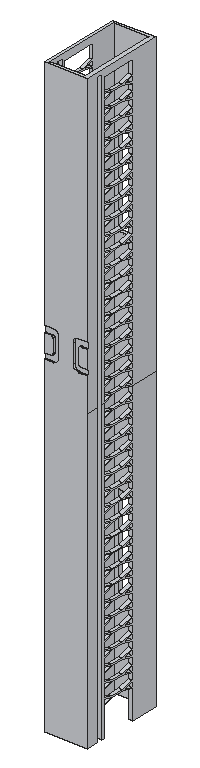
Revit family
Parameters
  Material ID = "760072900"
  Description = "Vertical Cable Management Kit, 6in X 96in (152mm X 2438mm) Single Sided, With Door, Silver\r\nVertical Cable Management Kit, 6in X 84in (152mm X 2134mm) Single Sided, With Door, Black\r\nVERTICAL CABLE MANAGEMENT KIT, 6IN X 84IN(152MM X 2134MM) SINGLE SIDED, WITH DOOR, BLACK"
Reference planes (in)
  plane 1 "Center (Front/Back)": y = 0
  plane 2: z = 0
  plane 3 "Center (Left/Right)": x = 0
Forms (in)
  Extrusion 1, void, not visible
    sketch origin (0, 0, 0) x (1, 0, 0) y (0, 0, 1)
      loop
        line (-7.85662, 0.48089) -> (-7.85662, -0.39002) -> (-7.67285, -0.39002) -> (-7.67285, -0.64002) -> (-7.0736, -0.64002) -> (-7.0736, -0.39002) -> (-6.92978, -0.39002) -> (-6.92978, 0.48089) -> (-7.85662, 0.48089)
    from -3.79215 to 12
  Extrusion 2, void, not visible
    sketch origin (0, 0, 0) x (1, 0, 0) y (0, 0, 1)
      loop
        line (-8.21397, 0.42583) -> (-8.21397, -0.07417) -> (-8.08657, -0.07417) -> (-8.08657, -0.27417) -> (-7.83657, -0.27417) -> (-7.83657, -0.07417) -> (-7.72497, -0.07417) -> (-7.72497, 0.42583) -> (-8.21397, 0.42583)
    from 0.74059 to 3.34334
  Extrusion 3, solid
    sketch origin (0, 0, 0) x (1, 0, 0) y (0, 0, 1)
      loop
        line (3, 42) -> (-3, 42) -> (-3, -42) -> (3, -42) -> (3, 0) -> (3, 42)
    from 11.281 to -0.669
  Extrusion 4, void
    sketch origin (0, 0, 0) x (1, 0, 0) y (0, 0, 1)
      loop
        line (-3, 9.00056) -> (-3, 8.06684) -> (-2.1, 8.06684)
        arc (-2.1, 8.06684) -> (-1.88787, 7.97898) -> (-1.8, 7.76684) r 0.3
        line (-1.8, 7.76684) -> (-1.8, 5.85056)
        arc (-1.8, 5.85056) -> (-1.88787, 5.63843) -> (-2.1, 5.55056) r 0.3
        line (-2.1, 5.55056) -> (-3, 5.55056) -> (-3, 4.75056) -> (-1.8, 4.75056)
        arc (-1.8, 4.75056) -> (-1.23431, 4.98488) -> (-1, 5.55056) r 0.8
        line (-1, 5.55056) -> (-1, 8.20056)
        arc (-1, 8.20056) -> (-1.23431, 8.76625) -> (-1.8, 9.00056) r 0.8
        line (-1.8, 9.00056) -> (-3, 9.00056)
      loop
        line (3, 9.00056) -> (1.8, 9.00056)
        arc (1.8, 9.00056) -> (1.23431, 8.76625) -> (1, 8.20056) r 0.8
        line (1, 8.20056) -> (1, 5.55056)
        arc (1, 5.55056) -> (1.23431, 4.98488) -> (1.8, 4.75056) r 0.8
        line (1.8, 4.75056) -> (3, 4.75056) -> (3, 5.55056) -> (2.1, 5.55056)
        arc (2.1, 5.55056) -> (1.88787, 5.63843) -> (1.8, 5.85056) r 0.3
        line (1.8, 5.85056) -> (1.8, 7.76684)
        arc (1.8, 7.76684) -> (1.88787, 7.97898) -> (2.1, 8.06684) r 0.3
        line (2.1, 8.06684) -> (3, 8.06684) -> (3, 9.00056)
    from 11.08569 to 11.281
  Extrusion 5, void
    sketch origin (0, 0, 0) x (1, 0, 0) y (0, 1, 0)
      loop
        line (2.45983, 0.18675) -> (-2.54017, 0.18675) -> (-2.54017, -10.9115) -> (2.45983, -10.9115) -> (2.45983, 0.18675)
    from -58.88014 to 54.97812
  Extrusion 6, void
    sketch origin (0, 0, 0) x (0, 1, 0) y (0, 0, 1)
      loop
        line (-3.37841, 39.06909) -> (-3.37841, 41.06909) -> (-8.50915, 41.06909) -> (-8.50915, 39.06909) -> (-6.81878, 38.61615) -> (-5.06878, 38.61615) -> (-3.37841, 39.06909)
      loop
        line (-3.37841, 38.06909) -> (-5.06878, 38.52202) -> (-6.81878, 38.52202) -> (-8.50915, 38.06909) -> (-8.50915, 37.81909) -> (-8.50915, 37.06909) -> (-6.81878, 36.61615) -> (-5.06878, 36.61615) -> (-3.37841, 37.06909) -> (-3.37841, 37.81909) -> (-3.37841, 38.06909)
      loop
        line (-3.37841, 39.00985) -> (-4.9864, 38.57899) -> (-3.37841, 38.14813) -> (-3.37841, 39.00985)
      loop
        line (-8.50915, 39.00985) -> (-8.50915, 38.14813) -> (-6.90115, 38.57899) -> (-8.50915, 39.00985)
      loop
        line (-3.37841, 36.06909) -> (-5.06878, 36.52202) -> (-6.81878, 36.52202) -> (-8.50915, 36.06909) -> (-8.50915, 35.06909) -> (-6.81878, 34.61615) -> (-5.06878, 34.61615) -> (-3.37841, 35.06909) -> (-3.37841, 36.06909)
      loop
        line (-3.37841, 37.00985) -> (-4.9864, 36.57899) -> (-3.37841, 36.14813) -> (-3.37841, 37.00985)
      loop
        line (-8.50915, 37.00985) -> (-8.50915, 36.14813) -> (-6.90115, 36.57899) -> (-8.50915, 37.00985)
      loop
        line (-3.37841, 34.06909) -> (-5.06878, 34.52202) -> (-6.81878, 34.52202) -> (-8.50915, 34.06909) -> (-8.50915, 33.06909) -> (-6.81878, 32.61615) -> (-5.06878, 32.61615) -> (-3.37841, 33.06909) -> (-3.37841, 34.06909)
      loop
        line (-3.37841, 35.00985) -> (-4.9864, 34.57899) -> (-3.37841, 34.14813) -> (-3.37841, 35.00985)
      loop
        line (-8.50915, 35.00985) -> (-8.50915, 34.14813) -> (-6.90115, 34.57899) -> (-8.50915, 35.00985)
      loop
        line (-3.37841, 32.06909) -> (-5.06878, 32.52202) -> (-6.81878, 32.52202) -> (-8.50915, 32.06909) -> (-8.50915, 31.06909) -> (-6.81878, 30.61615) -> (-5.06878, 30.61615) -> (-3.37841, 31.06909) -> (-3.37841, 32.06909)
      loop
        line (-3.37841, 33.00985) -> (-4.9864, 32.57899) -> (-3.37841, 32.14813) -> (-3.37841, 33.00985)
      loop
        line (-8.50915, 33.00985) -> (-8.50915, 32.14813) -> (-6.90115, 32.57899) -> (-8.50915, 33.00985)
      loop
        line (-3.37841, 30.06909) -> (-5.06878, 30.52202) -> (-6.81878, 30.52202) -> (-8.50915, 30.06909) -> (-8.50915, 29.06909) -> (-6.81878, 28.61615) -> (-5.06878, 28.61615) -> (-3.37841, 29.06909) -> (-3.37841, 30.06909)
      loop
        line (-3.37841, 31.00985) -> (-4.9864, 30.57899) -> (-3.37841, 30.14813) -> (-3.37841, 31.00985)
      loop
        line (-8.50915, 31.00985) -> (-8.50915, 30.14813) -> (-6.90115, 30.57899) -> (-8.50915, 31.00985)
      loop
        line (-3.37841, 28.06909) -> (-5.06878, 28.52202) -> (-6.81878, 28.52202) -> (-8.50915, 28.06909) -> (-8.50915, 27.06909) -> (-6.81878, 26.61615) -> (-5.06878, 26.61615) -> (-3.37841, 27.06909) -> (-3.37841, 28.06909)
      loop
        line (-3.37841, 29.00985) -> (-4.9864, 28.57899) -> (-3.37841, 28.14813) -> (-3.37841, 29.00985)
      loop
        line (-8.50915, 29.00985) -> (-8.50915, 28.14813) -> (-6.90115, 28.57899) -> (-8.50915, 29.00985)
      loop
        line (-3.37841, 26.06909) -> (-5.06878, 26.52202) -> (-6.81878, 26.52202) -> (-8.50915, 26.06909) -> (-8.50915, 25.06909) -> (-6.81878, 24.61615) -> (-5.06878, 24.61615) -> (-3.37841, 25.06909) -> (-3.37841, 26.06909)
      loop
        line (-3.37841, 27.00985) -> (-4.9864, 26.57899) -> (-3.37841, 26.14813) -> (-3.37841, 27.00985)
      loop
        line (-8.50915, 27.00985) -> (-8.50915, 26.14813) -> (-6.90115, 26.57899) -> (-8.50915, 27.00985)
      loop
        line (-3.37841, 24.06909) -> (-5.06878, 24.52202) -> (-6.81878, 24.52202) -> (-8.50915, 24.06909) -> (-8.50915, 23.06909) -> (-6.81878, 22.61615) -> (-5.06878, 22.61615) -> (-3.37841, 23.06909) -> (-3.37841, 24.06909)
      loop
        line (-3.37841, 25.00985) -> (-4.9864, 24.57899) -> (-3.37841, 24.14813) -> (-3.37841, 25.00985)
      loop
        line (-8.50915, 25.00985) -> (-8.50915, 24.14813) -> (-6.90115, 24.57899) -> (-8.50915, 25.00985)
      loop
        line (-3.37841, 22.06909) -> (-5.06878, 22.52202) -> (-6.81878, 22.52202) -> (-8.50915, 22.06909) -> (-8.50915, 21.06909) -> (-6.81878, 20.61615) -> (-5.06878, 20.61615) -> (-3.37841, 21.06909) -> (-3.37841, 22.06909)
      loop
        line (-3.37841, 23.00985) -> (-4.9864, 22.57899) -> (-3.37841, 22.14813) -> (-3.37841, 23.00985)
      loop
        line (-8.50915, 23.00985) -> (-8.50915, 22.14813) -> (-6.90115, 22.57899) -> (-8.50915, 23.00985)
      loop
        line (-3.37841, 20.06909) -> (-5.06878, 20.52202) -> (-6.81878, 20.52202) -> (-8.50915, 20.06909) -> (-8.50915, 19.06909) -> (-6.81878, 18.61615) -> (-5.06878, 18.61615) -> (-3.37841, 19.06909) -> (-3.37841, 20.06909)
      loop
        line (-3.37841, 21.00985) -> (-4.9864, 20.57899) -> (-3.37841, 20.14813) -> (-3.37841, 21.00985)
      loop
        line (-8.50915, 21.00985) -> (-8.50915, 20.14813) -> (-6.90115, 20.57899) -> (-8.50915, 21.00985)
      loop
        line (-3.37841, 18.06909) -> (-5.06878, 18.52202) -> (-6.81878, 18.52202) -> (-8.50915, 18.06909) -> (-8.50915, 17.06909) -> (-6.81878, 16.61615) -> (-5.06878, 16.61615) -> (-3.37841, 17.06909) -> (-3.37841, 18.06909)
      loop
        line (-3.37841, 19.00985) -> (-4.9864, 18.57899) -> (-3.37841, 18.14813) -> (-3.37841, 19.00985)
      loop
        line (-8.50915, 19.00985) -> (-8.50915, 18.14813) -> (-6.90115, 18.57899) -> (-8.50915, 19.00985)
      loop
        line (-3.37841, 16.06909) -> (-5.06878, 16.52202) -> (-6.81878, 16.52202) -> (-8.50915, 16.06909) -> (-8.50915, 15.06909) -> (-6.81878, 14.61615) -> (-5.06878, 14.61615) -> (-3.37841, 15.06909) -> (-3.37841, 16.06909)
      loop
        line (-3.37841, 17.00985) -> (-4.9864, 16.57899) -> (-3.37841, 16.14813) -> (-3.37841, 17.00985)
      loop
        line (-8.50915, 17.00985) -> (-8.50915, 16.14813) -> (-6.90115, 16.57899) -> (-8.50915, 17.00985)
      loop
        line (-3.37841, 14.06909) -> (-5.06878, 14.52202) -> (-6.81878, 14.52202) -> (-8.50915, 14.06909) -> (-8.50915, 13.06909) -> (-6.81878, 12.61615) -> (-5.06878, 12.61615) -> (-3.37841, 13.06909) -> (-3.37841, 14.06909)
      loop
        line (-3.37841, 15.00985) -> (-4.9864, 14.57899) -> (-3.37841, 14.14813) -> (-3.37841, 15.00985)
      loop
        line (-8.50915, 15.00985) -> (-8.50915, 14.14813) -> (-6.90115, 14.57899) -> (-8.50915, 15.00985)
      loop
        line (-3.37841, 12.06909) -> (-5.06878, 12.52202) -> (-6.81878, 12.52202) -> (-8.50915, 12.06909) -> (-8.50915, 11.06909) -> (-6.81878, 10.61615) -> (-5.06878, 10.61615) -> (-3.37841, 11.06909) -> (-3.37841, 12.06909)
      loop
        line (-3.37841, 13.00985) -> (-4.9864, 12.57899) -> (-3.37841, 12.14813) -> (-3.37841, 13.00985)
      loop
        line (-8.50915, 13.00985) -> (-8.50915, 12.14813) -> (-6.90115, 12.57899) -> (-8.50915, 13.00985)
      loop
        line (-3.37841, 10.06909) -> (-5.06878, 10.52202) -> (-6.81878, 10.52202) -> (-8.50915, 10.06909) -> (-8.50915, 9.06909) -> (-6.81878, 8.61615) -> (-5.06878, 8.61615) -> (-3.37841, 9.06909) -> (-3.37841, 10.06909)
      loop
        line (-3.37841, 11.00985) -> (-4.9864, 10.57899) -> (-3.37841, 10.14813) -> (-3.37841, 11.00985)
      loop
        line (-8.50915, 11.00985) -> (-8.50915, 10.14813) -> (-6.90115, 10.57899) -> (-8.50915, 11.00985)
      loop
        line (-3.37841, 8.06909) -> (-5.06878, 8.52202) -> (-6.81878, 8.52202) -> (-8.50915, 8.06909) -> (-8.50915, 7.06909) -> (-6.81878, 6.61615) -> (-5.06878, 6.61615) -> (-3.37841, 7.06909) -> (-3.37841, 8.06909)
      loop
        line (-3.37841, 9.00985) -> (-4.9864, 8.57899) -> (-3.37841, 8.14813) -> (-3.37841, 9.00985)
      loop
        line (-8.50915, 9.00985) -> (-8.50915, 8.14813) -> (-6.90115, 8.57899) -> (-8.50915, 9.00985)
      loop
        line (-3.37841, 6.06909) -> (-5.06878, 6.52202) -> (-6.81878, 6.52202) -> (-8.50915, 6.06909) -> (-8.50915, 5.06909) -> (-6.81878, 4.61615) -> (-5.06878, 4.61615) -> (-3.37841, 5.06909) -> (-3.37841, 6.06909)
      loop
        line (-3.37841, 7.00985) -> (-4.9864, 6.57899) -> (-3.37841, 6.14813) -> (-3.37841, 7.00985)
      loop
        line (-8.50915, 7.00985) -> (-8.50915, 6.14813) -> (-6.90115, 6.57899) -> (-8.50915, 7.00985)
      loop
        line (-3.37841, 4.06909) -> (-5.06878, 4.52202) -> (-6.81878, 4.52202) -> (-8.50915, 4.06909) -> (-8.50915, 3.06909) -> (-6.81878, 2.61615) -> (-5.06878, 2.61615) -> (-3.37841, 3.06909) -> (-3.37841, 4.06909)
      loop
        line (-3.37841, 5.00985) -> (-4.9864, 4.57899) -> (-3.37841, 4.14813) -> (-3.37841, 5.00985)
      loop
        line (-8.50915, 5.00985) -> (-8.50915, 4.14813) -> (-6.90115, 4.57899) -> (-8.50915, 5.00985)
      loop
        line (-3.37841, 2.06909) -> (-5.06878, 2.52202) -> (-6.81878, 2.52202) -> (-8.50915, 2.06909) -> (-8.50915, 1.06909) -> (-6.81878, 0.61615) -> (-5.06878, 0.61615) -> (-3.37841, 1.06909) -> (-3.37841, 2.06909)
      loop
        line (-3.37841, 3.00985) -> (-4.9864, 2.57899) -> (-3.37841, 2.14813) -> (-3.37841, 3.00985)
      loop
        line (-8.50915, 3.00985) -> (-8.50915, 2.14813) -> (-6.90115, 2.57899) -> (-8.50915, 3.00985)
      loop
        line (-3.37841, 0.06909) -> (-5.06878, 0.52202) -> (-6.81878, 0.52202) -> (-8.50915, 0.06909) -> (-8.50915, -0.93091) -> (-6.81878, -1.38385) -> (-5.06878, -1.38385) -> (-3.37841, -0.93091) -> (-3.37841, 0.06909)
      loop
        line (-3.37841, 1.00985) -> (-4.9864, 0.57899) -> (-3.37841, 0.14813) -> (-3.37841, 1.00985)
      loop
        line (-8.50915, 1.00985) -> (-8.50915, 0.14813) -> (-6.90115, 0.57899) -> (-8.50915, 1.00985)
      loop
        line (-3.37841, -1.93091) -> (-5.06878, -1.47798) -> (-6.81878, -1.47798) -> (-8.50915, -1.93091) -> (-8.50915, -2.93091) -> (-6.81878, -3.38385) -> (-5.06878, -3.38385) -> (-3.37841, -2.93091) -> (-3.37841, -1.93091)
      loop
        line (-3.37841, -0.99015) -> (-4.9864, -1.42101) -> (-3.37841, -1.85187) -> (-3.37841, -0.99015)
      loop
        line (-8.50915, -0.99015) -> (-8.50915, -1.85187) -> (-6.90115, -1.42101) -> (-8.50915, -0.99015)
      loop
        line (-3.37841, -3.93091) -> (-5.06878, -3.47798) -> (-6.81878, -3.47798) -> (-8.50915, -3.93091) -> (-8.50915, -4.93091) -> (-6.81878, -5.38385) -> (-5.06878, -5.38385) -> (-3.37841, -4.93091) -> (-3.37841, -3.93091)
      loop
        line (-3.37841, -2.99015) -> (-4.9864, -3.42101) -> (-3.37841, -3.85187) -> (-3.37841, -2.99015)
      loop
        line (-8.50915, -2.99015) -> (-8.50915, -3.85187) -> (-6.90115, -3.42101) -> (-8.50915, -2.99015)
      loop
        line (-3.37841, -5.93091) -> (-5.06878, -5.47798) -> (-6.81878, -5.47798) -> (-8.50915, -5.93091) -> (-8.50915, -6.93091) -> (-6.81878, -7.38385) -> (-5.06878, -7.38385) -> (-3.37841, -6.93091) -> (-3.37841, -5.93091)
      loop
        line (-3.37841, -4.99015) -> (-4.9864, -5.42101) -> (-3.37841, -5.85187) -> (-3.37841, -4.99015)
      loop
        line (-8.50915, -4.99015) -> (-8.50915, -5.85187) -> (-6.90115, -5.42101) -> (-8.50915, -4.99015)
      loop
        line (-3.37841, -7.93091) -> (-5.06878, -7.47798) -> (-6.81878, -7.47798) -> (-8.50915, -7.93091) -> (-8.50915, -8.93091) -> (-6.81878, -9.38385) -> (-5.06878, -9.38385) -> (-3.37841, -8.93091) -> (-3.37841, -7.93091)
      loop
        line (-3.37841, -6.99015) -> (-4.9864, -7.42101) -> (-3.37841, -7.85187) -> (-3.37841, -6.99015)
      loop
        line (-8.50915, -6.99015) -> (-8.50915, -7.85187) -> (-6.90115, -7.42101) -> (-8.50915, -6.99015)
      loop
        line (-3.37841, -9.93091) -> (-5.06878, -9.47798) -> (-6.81878, -9.47798) -> (-8.50915, -9.93091) -> (-8.50915, -10.93091) -> (-6.81878, -11.38385) -> (-5.06878, -11.38385) -> (-3.37841, -10.93091) -> (-3.37841, -9.93091)
      loop
        line (-3.37841, -8.99015) -> (-4.9864, -9.42101) -> (-3.37841, -9.85187) -> (-3.37841, -8.99015)
      loop
        line (-8.50915, -8.99015) -> (-8.50915, -9.85187) -> (-6.90115, -9.42101) -> (-8.50915, -8.99015)
      loop
        line (-3.37841, -11.93091) -> (-5.06878, -11.47798) -> (-6.81878, -11.47798) -> (-8.50915, -11.93091) -> (-8.50915, -12.93091) -> (-6.81878, -13.38385) -> (-5.06878, -13.38385) -> (-3.37841, -12.93091) -> (-3.37841, -11.93091)
      loop
        line (-3.37841, -10.99015) -> (-4.9864, -11.42101) -> (-3.37841, -11.85187) -> (-3.37841, -10.99015)
      loop
        line (-8.50915, -10.99015) -> (-8.50915, -11.85187) -> (-6.90115, -11.42101) -> (-8.50915, -10.99015)
      loop
        line (-3.37841, -13.93091) -> (-5.06878, -13.47798) -> (-6.81878, -13.47798) -> (-8.50915, -13.93091) -> (-8.50915, -14.93091) -> (-6.81878, -15.38385) -> (-5.06878, -15.38385) -> (-3.37841, -14.93091) -> (-3.37841, -13.93091)
      loop
        line (-3.37841, -12.99015) -> (-4.9864, -13.42101) -> (-3.37841, -13.85187) -> (-3.37841, -12.99015)
      loop
        line (-8.50915, -12.99015) -> (-8.50915, -13.85187) -> (-6.90115, -13.42101) -> (-8.50915, -12.99015)
      loop
        line (-3.37841, -15.93091) -> (-5.06878, -15.47798) -> (-6.81878, -15.47798) -> (-8.50915, -15.93091) -> (-8.50915, -16.93091) -> (-6.81878, -17.38385) -> (-5.06878, -17.38385) -> (-3.37841, -16.93091) -> (-3.37841, -15.93091)
      loop
        line (-3.37841, -14.99015) -> (-4.9864, -15.42101) -> (-3.37841, -15.85187) -> (-3.37841, -14.99015)
      loop
        line (-8.50915, -14.99015) -> (-8.50915, -15.85187) -> (-6.90115, -15.42101) -> (-8.50915, -14.99015)
      loop
        line (-3.37841, -17.93091) -> (-5.06878, -17.47798) -> (-6.81878, -17.47798) -> (-8.50915, -17.93091) -> (-8.50915, -18.93091) -> (-6.81878, -19.38385) -> (-5.06878, -19.38385) -> (-3.37841, -18.93091) -> (-3.37841, -17.93091)
      loop
        line (-3.37841, -16.99015) -> (-4.9864, -17.42101) -> (-3.37841, -17.85187) -> (-3.37841, -16.99015)
      loop
        line (-8.50915, -16.99015) -> (-8.50915, -17.85187) -> (-6.90115, -17.42101) -> (-8.50915, -16.99015)
      loop
        line (-3.37841, -19.93091) -> (-5.06878, -19.47798) -> (-6.81878, -19.47798) -> (-8.50915, -19.93091) -> (-8.50915, -20.93091) -> (-6.81878, -21.38385) -> (-5.06878, -21.38385) -> (-3.37841, -20.93091) -> (-3.37841, -19.93091)
      loop
        line (-3.37841, -18.99015) -> (-4.9864, -19.42101) -> (-3.37841, -19.85187) -> (-3.37841, -18.99015)
      loop
        line (-8.50915, -18.99015) -> (-8.50915, -19.85187) -> (-6.90115, -19.42101) -> (-8.50915, -18.99015)
      loop
        line (-3.37841, -21.93091) -> (-5.06878, -21.47798) -> (-6.81878, -21.47798) -> (-8.50915, -21.93091) -> (-8.50915, -22.93091) -> (-6.81878, -23.38385) -> (-5.06878, -23.38385) -> (-3.37841, -22.93091) -> (-3.37841, -21.93091)
      loop
        line (-3.37841, -20.99015) -> (-4.9864, -21.42101) -> (-3.37841, -21.85187) -> (-3.37841, -20.99015)
      loop
        line (-8.50915, -20.99015) -> (-8.50915, -21.85187) -> (-6.90115, -21.42101) -> (-8.50915, -20.99015)
      loop
        line (-3.37841, -23.93091) -> (-5.06878, -23.47798) -> (-6.81878, -23.47798) -> (-8.50915, -23.93091) -> (-8.50915, -24.93091) -> (-6.81878, -25.38385) -> (-5.06878, -25.38385) -> (-3.37841, -24.93091) -> (-3.37841, -23.93091)
      loop
        line (-3.37841, -22.99015) -> (-4.9864, -23.42101) -> (-3.37841, -23.85187) -> (-3.37841, -22.99015)
      loop
        line (-8.50915, -22.99015) -> (-8.50915, -23.85187) -> (-6.90115, -23.42101) -> (-8.50915, -22.99015)
      loop
        line (-3.37841, -25.93091) -> (-5.06878, -25.47798) -> (-6.81878, -25.47798) -> (-8.50915, -25.93091) -> (-8.50915, -26.93091) -> (-6.81878, -27.38385) -> (-5.06878, -27.38385) -> (-3.37841, -26.93091) -> (-3.37841, -25.93091)
      loop
        line (-3.37841, -24.99015) -> (-4.9864, -25.42101) -> (-3.37841, -25.85187) -> (-3.37841, -24.99015)
      loop
        line (-8.50915, -24.99015) -> (-8.50915, -25.85187) -> (-6.90115, -25.42101) -> (-8.50915, -24.99015)
      loop
        line (-3.37841, -27.93091) -> (-5.06878, -27.47798) -> (-6.81878, -27.47798) -> (-8.50915, -27.93091) -> (-8.50915, -28.93091) -> (-6.81878, -29.38385) -> (-5.06878, -29.38385) -> (-3.37841, -28.93091) -> (-3.37841, -27.93091)
      loop
        line (-3.37841, -26.99015) -> (-4.9864, -27.42101) -> (-3.37841, -27.85187) -> (-3.37841, -26.99015)
      loop
        line (-8.50915, -26.99015) -> (-8.50915, -27.85187) -> (-6.90115, -27.42101) -> (-8.50915, -26.99015)
      loop
        line (-3.37841, -29.93091) -> (-5.06878, -29.47798) -> (-6.81878, -29.47798) -> (-8.50915, -29.93091) -> (-8.50915, -30.93091) -> (-6.81878, -31.38385) -> (-5.06878, -31.38385) -> (-3.37841, -30.93091) -> (-3.37841, -29.93091)
      loop
        line (-3.37841, -28.99015) -> (-4.9864, -29.42101) -> (-3.37841, -29.85187) -> (-3.37841, -28.99015)
      loop
        line (-8.50915, -28.99015) -> (-8.50915, -29.85187) -> (-6.90115, -29.42101) -> (-8.50915, -28.99015)
      loop
        line (-3.37841, -31.93091) -> (-5.06878, -31.47798) -> (-6.81878, -31.47798) -> (-8.50915, -31.93091) -> (-8.50915, -32.93091) -> (-6.81878, -33.38385) -> (-5.06878, -33.38385) -> (-3.37841, -32.93091) -> (-3.37841, -31.93091)
      loop
        line (-3.37841, -30.99015) -> (-4.9864, -31.42101) -> (-3.37841, -31.85187) -> (-3.37841, -30.99015)
      loop
        line (-8.50915, -30.99015) -> (-8.50915, -31.85187) -> (-6.90115, -31.42101) -> (-8.50915, -30.99015)
      loop
        line (-3.37841, -33.93091) -> (-5.06878, -33.47798) -> (-6.81878, -33.47798) -> (-8.50915, -33.93091) -> (-8.50915, -34.93091) -> (-6.81878, -35.38385) -> (-5.06878, -35.38385) -> (-3.37841, -34.93091) -> (-3.37841, -33.93091)
      loop
        line (-3.37841, -32.99015) -> (-4.9864, -33.42101) -> (-3.37841, -33.85187) -> (-3.37841, -32.99015)
      loop
        line (-8.50915, -32.99015) -> (-8.50915, -33.85187) -> (-6.90115, -33.42101) -> (-8.50915, -32.99015)
      loop
        line (-3.37841, -35.93091) -> (-5.06878, -35.47798) -> (-6.81878, -35.47798) -> (-8.50915, -35.93091) -> (-8.50915, -36.93091) -> (-6.81878, -37.38385) -> (-5.06878, -37.38385) -> (-3.37841, -36.93091) -> (-3.37841, -35.93091)
      loop
        line (-3.37841, -34.99015) -> (-4.9864, -35.42101) -> (-3.37841, -35.85187) -> (-3.37841, -34.99015)
      loop
        line (-8.50915, -34.99015) -> (-8.50915, -35.85187) -> (-6.90115, -35.42101) -> (-8.50915, -34.99015)
      loop
        line (-3.37841, -37.93091) -> (-5.06878, -37.47798) -> (-6.81878, -37.47798) -> (-8.50915, -37.93091) -> (-8.50915, -42) -> (-3.37841, -42) -> (-3.37841, -37.93091)
      loop
        line (-3.37841, -36.99015) -> (-4.9864, -37.42101) -> (-3.37841, -37.85187) -> (-3.37841, -36.99015)
      loop
        line (-8.50915, -36.99015) -> (-8.50915, -37.85187) -> (-6.90115, -37.42101) -> (-8.50915, -36.99015)
    from -16.16264 to 12
  Extrusion 7, void
    sketch origin (0, 0, 0) x (0, 1, 0) y (0, 0, 1)
      loop
        line (-9.74802, 41.47806) -> (-9.74802, -42) -> (-8.75915, -42) -> (-8.75915, 41.47806) -> (-9.74802, 41.47806)
    from -16.48531 to 12
  Extrusion 8, void
    sketch origin (0, 0, 0) x (1, 0, 0) y (0, 0, 1)
      loop
        line (1.49935, 28.88043) -> (-1.75065, 28.88043) -> (-1.75065, 16.13043) -> (1.49935, 16.13043) -> (1.49935, 28.88043)
      loop
        line (1.49935, -28.88043) -> (1.49935, -16.13043) -> (-1.75065, -16.13043) -> (-1.75065, -28.88043) -> (1.49935, -28.88043)
    from -9.86946 to 1.00595
Cuts and joins
  Extrusion 4, Extrusion 5, Extrusion 6, Extrusion 7, Extrusion 8 cuts Extrusion 3
